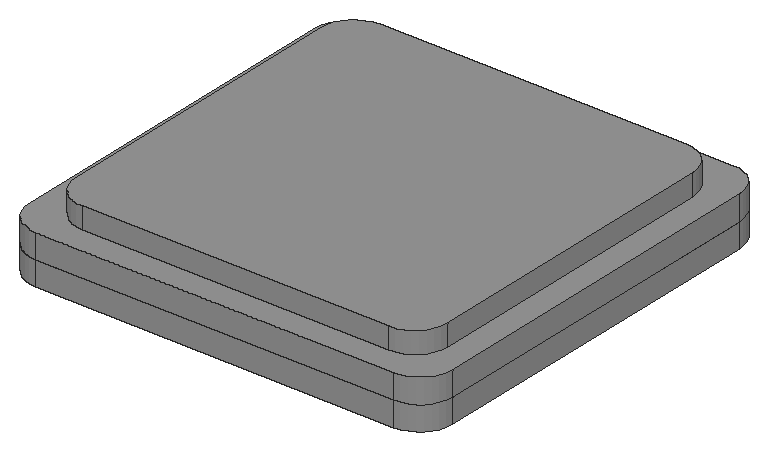
Revit family "FMS2_63_UN_Surface-mounted_ETK", category Lighting Fixtures, Revit 2019 (continued)
Definition of nested family "FMS.2 - Lightsource"
  Types (14, lengths in mm): name | Wattage Comments | Wattage | built-in parameter 1150134 | Photometric Web File | built-in parameter 1150142 | built-in parameter 1150105 | Lumens | built-in parameter 1150107 | built-in parameter 1150106 | Apparent Load
      20.2578\t312.5304\t304.803\t297.0756\r\n289.6344\t281.907\t274.3513\t266.7956\t259.1541\t251.4267\t243.7565\t236.1436\t228.5593\t221.0036\r\n213.4766\t206.0068\t198.5656\t191.1816\t183.8549\t176.5282\t169.2587\t162.3613\t155.7787\t149.1961\r\n142.6707\t136.174\t129.7058\t123.2663\t116.8841\t110.5018\t104.1482\t97.8232\t91.5268\t80.2791\r\n64.996\t49.7416\t34.4585\t19.1725\t3.8895\t0\t0\t0\t0\t0\r\n0\r\n985.6728\t985.1004\t984.528\t983.9556\t983.097\t982.5246\t981.9522\t981.3798\t980.5212\t979.6626\r\n978.804\t977.9454\t976.8006\t975.3696\t973.9386\t972.5076\t971.0766\t969.6456\t968.2146\t966.4974\r\n964.7802\t963.063\t961.3458\t959.6286\t957.6252\t955.6218\t953.6184\t951.615\t949.3254\t947.0358\r\n944.46\t942.1704\t940.167\t937.5912\t934.7292\t932.1534\t929.5776\t927.0018\t924.1398\t921.2778\r\n917.5572\t913.5504\t909.8298\t905.5368\t901.53\t897.237\t893.2302\t889.2234\t885.2166\t881.496\r\n876.9168\t872.6238\t868.0446\t863.7516\t859.1724\t854.307\t849.4416\t845.1486\t840.8556\t836.2764\r\n831.411\t826.5456\t821.9664\t817.101\t812.5218\t807.6564\t802.791\t797.6394\t792.4878\t787.3362\r\n781.8984\t776.7468\t771.8814\t766.4436\t759.861\t753.5646\t747.2682\t741.258\t735.2478\t728.6652\r\n722.0826\t715.7862\t709.4898\t703.4796\t696.897\t690.6006\t684.018\t677.7216\t671.4252\t664.8426\r\n658.26\t651.6774\t645.0948\t638.226\t631.9296\t625.347\t619.0506\t612.468\t605.8854\t598.7304\r\n591.5754\t584.4204\t576.9792\t569.2518\t561.8106\t554.6556\t547.2144\t540.0594\t532.6182\t525.177\r\n518.022\t510.867\t503.712\t496.557\t489.1158\t481.9608\t474.8058\t467.6508\t460.4958\t452.7684\r\n444.7548\t436.7412\t428.7276\t420.714\t412.7004\t404.6868\t396.6732\t388.9458\t381.2184\t373.491\r\n365.7636\t358.0362\t350.595\t342.8676\t335.1402\t327.4128\t319.113\t311.0994\t303.0858\t295.3584\r\n287.631\t279.8464\t272.1762\t264.506\t256.8931\t249.3088\t241.8104\t234.3119\t226.8135\t219.2006\r\n211.6735\t204.2037\t196.877\t189.5789\t182.338\t175.1258\t167.9422\t160.8158\t153.718\t146.6775\r\n140.0663\t133.7413\t127.4735\t121.2343\t115.0238\t108.8419\t102.6886\t96.5925\t90.5251\t84.4862\r\n77.7319\t62.1626\t46.5934\t31.0241\t15.4348\t0\t0\t0\t0\t0\r\n0\r\n985.6728\t985.1004\t984.528\t983.9556\t983.3832\t982.8108\t982.2384\t981.666\t980.8074\t979.9488\r\n979.0902\t978.2316\t976.8006\t975.3696\t973.9386\t972.7938\t971.3628\t969.9318\t968.2146\t966.4974\r\n964.7802\t963.063\t961.3458\t959.3424\t957.339\t955.3356\t953.046\t951.0426\t948.4668\t945.891\r\n943.6014\t941.598\t938.736\t935.874\t933.2982\t930.4362\t927.8604\t924.9984\t922.1364\t918.9882\r\n915.84\t912.4056\t908.9712\t905.5368\t902.3886\t898.9542\t895.2336\t891.2268\t886.9338\t882.6408\r\n878.0616\t873.7686\t868.617\t863.7516\t859.1724\t854.8794\t850.5864\t845.4348\t840.5694\t835.704\r\n830.8386\t825.9732\t821.1078\t815.9562\t810.8046\t805.3668\t800.2152\t794.7774\t789.6258\t784.7604\r\n779.3226\t773.5986\t768.1608\t763.0092\t757.5714\t751.8474\t745.8372\t740.3994\t734.9616\t729.5238\r\n723.7998\t718.0758\t711.7794\t705.1968\t698.6142\t691.7454\t685.1628\t678.294\t671.7114\t664.8426\r\n658.26\t651.3912\t644.5224\t637.9398\t631.071\t624.2022\t617.0472\t610.1784\t603.0234\t596.1546\r\n589.2858\t582.1308\t575.262\t568.107\t561.5244\t554.6556\t547.7868\t540.6318\t533.1906\t525.4632\r\n517.7358\t510.2946\t502.5672\t495.126\t487.1124\t479.385\t471.9438\t464.2164\t456.7752\t449.334\r\n441.6066\t434.1654\t426.7242\t419.283\t411.8418\t404.6868\t397.2456\t389.5182\t381.2184\t373.2048\r\n364.905\t356.8914\t348.8778\t340.8642\t332.8506\t325.1232\t317.1096\t309.3822\t301.6548\t293.9274\r\n286.4862\t278.9019\t271.06\t263.1323\t255.2332\t247.4485\t239.7211\t232.1082\t224.5811\t217.1399\r\n209.7274\t202.4006\t195.1312\t187.8617\t180.6208\t173.4658\t166.3967\t159.3848\t152.4301\t145.5327\r\n138.6925\t131.9096\t125.1839\t118.8016\t112.7628\t106.7812\t100.8283\t94.9612\t89.0941\t83.2842\r\n77.503\t71.779\t60.6172\t44.5327\t28.4282\t12.3238\t0\t0\t0\t0\r\n0\r\n985.6728\t985.1004\t984.528\t983.9556\t983.6694\t983.097\t982.5246\t981.9522\t981.0936\t980.5212\r\n979.6626\t978.5178\t977.0868\t975.6558\t974.2248\t973.08\t971.649\t970.218\t968.5008\t966.7836\r\n965.0664\t963.3492\t961.3458\t959.3424\t957.339\t955.3356\t953.046\t950.4702\t947.8944\t945.6048\r\n943.3152\t940.4532\t937.5912\t935.0154\t932.4396\t929.5776\t926.7156\t923.5674\t920.4192\t916.9848\r\n913.5504\t910.116\t906.6816\t903.2472\t900.099\t896.6646\t892.944\t889.5096\t885.5028\t881.7822\r\n877.4892\t873.1962\t869.1894\t865.755\t861.462\t856.8828\t852.0174\t847.152\t842.0004\t837.135\r\n831.9834\t826.8318\t821.394\t816.2424\t811.0908\t805.653\t800.5014\t795.0636\t789.3396\t783.6156\r\n778.464\t773.0262\t767.016\t761.0058\t755.2818\t749.5578\t743.8338\t738.1098\t732.0996\t726.0894\r\n720.0792\t714.069\t708.0588\t702.0486\t696.0384\t690.0282\t683.7318\t677.7216\t671.4252\t665.1288\r\n659.1186\t652.8222\t646.2396\t639.657\t633.0744\t626.2056\t618.7644\t611.6094\t604.1682\t597.0132\r\n589.8582\t582.417\t574.9758\t567.5346\t560.3796\t552.9384\t545.4972\t538.056\t530.6148\t523.1736\r\n515.7324\t508.5774\t501.1362\t493.695\t486.2538\t478.8126\t471.6576\t464.2164\t456.7752\t449.334\r\n441.3204\t433.3068\t425.2932\t417.5658\t409.5522\t401.8248\t393.8112\t386.0838\t378.0702\t370.3428\r\n362.9016\t355.1742\t347.733\t340.0056\t332.2782\t324.837\t317.1096\t308.8098\t300.7962\t292.7826\r\n284.7404\t276.7554\t268.8563\t261.043\t253.3442\t245.7027\t238.1184\t230.6772\t223.2932\t215.6517\r\n208.1246\t200.7121\t193.3567\t186.0872\t178.8178\t171.6914\t164.6222\t157.6962\t150.856\t144.0158\r\n137.2329\t130.5358\t123.8387\t117.1703\t110.5304\t103.9192\t97.4511\t91.4123\t85.4021\t79.4777\r\n73.6393\t67.8294\t62.1054\t56.41\t41.3273\t25.24\t9.1813\t0\t0\t0\r\n0\r\n985.6728\t985.1004\t984.8142\t984.2418\t983.6694\t983.3832\t982.8108\t982.2384\t981.666\t980.8074\r\n979.9488\t978.804\t977.373\t975.942\t974.7972\t973.3662\t971.9352\t970.5042\t968.787\t967.0698\r\n965.6388\t963.6354\t961.632\t959.6286\t957.6252\t955.6218\t953.046\t950.4702\t948.1806\t946.1772\r\n943.029\t940.167\t937.5912\t934.7292\t932.1534\t929.2914\t926.1432\t922.7088\t919.5606\t916.1262\r\n912.6918\t908.9712\t905.5368\t902.3886\t898.668\t895.2336\t891.513\t887.5062\t883.4994\t879.2064\r\n874.9134\t871.1928\t867.186\t862.893\t858.3138\t854.0208\t849.4416\t844.8624\t840.5694\t835.704\r\n830.8386\t826.2594\t821.394\t816.5286\t811.6632\t806.7978\t801.36\t796.2084\t791.343\t785.9052\r\n779.895\t773.8848\t768.1608\t762.4368\t756.4266\t750.7026\t744.6924\t738.396\t732.0996\t725.8032\r\n719.793\t713.7828\t707.4864\t701.19\t694.6074\t688.311\t682.0146\t675.7182\t669.1356\t662.2668\r\n655.6842\t649.1016\t642.519\t635.9364\t629.0676\t622.485\t615.9024\t609.0336\t601.8786\t595.0098\r\n588.4272\t581.5584\t574.4034\t567.5346\t560.3796\t553.5108\t546.642\t539.487\t532.6182\t525.4632\r\n518.022\t510.2946\t502.5672\t494.8398\t487.1124\t479.0988\t471.0852\t463.3578\t455.3442\t447.6168\r\n439.8894\t432.162\t424.1484\t416.1348\t408.4074\t400.68\t392.9526\t385.2252\t377.4978\t369.7704\r\n362.043\t354.3156\t346.302\t338.2884\t330.2748\t322.2612\t314.2476\t305.9478\t298.2204\t290.493\r\n282.737\t275.0382\t267.4253\t259.8696\t252.3998\t244.9872\t237.5174\t229.6755\t221.8622\t214.1348\r\n206.5219\t198.9949\t191.6109\t184.37\t177.2723\t170.289\t163.1912\t155.9218\t148.6523\t141.4114\r\n134.1992\t126.9583\t119.7461\t112.5338\t105.4075\t98.3097\t91.3837\t84.6293\t78.0181\t71.6072\r\n65.9691\t60.6744\t55.4656\t50.3712\t45.3627\t37.9787\t22.1662\t6.3937\t0\t0\r\n0\r\n985.6728\t985.3866\t984.8142\t984.528\t983.9556\t983.6694\t983.097\t982.5246\t981.9522\t981.3798\r\n980.5212\t979.3764\t977.9454\t976.5144\t975.3696\t973.9386\t972.7938\t971.0766\t969.6456\t967.9284\r\n966.2112\t964.494\t962.4906\t960.4872\t958.4838\t956.1942\t953.3322\t951.0426\t949.0392\t946.4634\r\n943.6014\t940.7394\t938.1636\t935.3016\t932.7258\t929.5776\t926.4294\t922.995\t919.5606\t916.1262\r\n912.6918\t909.2574\t905.5368\t902.1024\t898.668\t894.9474\t890.9406\t887.22\t882.927\t878.634\r\n874.6272\t870.6204\t866.0412\t861.7482\t857.169\t852.5898\t848.0106\t843.7176\t838.8522\t833.9868\r\n829.1214\t824.256\t819.3906\t814.5252\t809.0874\t803.9358\t798.498\t793.3464\t787.9086\t782.4708\r\n777.033\t771.8814\t766.1574\t760.4334\t754.7094\t748.9854\t743.2614\t737.2512\t731.241\t725.517\r\n719.793\t713.4966\t707.4864\t701.4762\t695.1798\t689.1696\t682.8732\t676.2906\t669.708\t663.4116\r\n657.1152\t650.2464\t643.3776\t636.795\t629.9262\t622.7712\t615.6162\t609.0336\t602.1648\t594.7236\r\n587.2824\t580.1274\t572.9724\t565.8174\t558.6624\t551.5074\t544.3524\t536.9112\t529.1838\t521.7426\r\n514.5876\t507.1464\t499.419\t491.9778\t484.5366\t477.0954\t469.6542\t462.213\t454.4856\t447.0444\r\n439.317\t431.8758\t424.1484\t416.7072\t408.9798\t401.5386\t393.8112\t386.0838\t378.3564\t370.9152\r\n362.6154\t354.3156\t346.0158\t338.0022\t329.9886\t321.6888\t313.6752\t305.6616\t297.9342\t289.9206\r\n281.8498\t273.922\t266.0801\t258.3241\t250.6826\t243.1269\t235.5712\t227.8438\t220.0306\t212.3604\r\n204.7761\t197.3921\t190.094\t182.8818\t175.7554\t168.8294\t162.0178\t154.9487\t147.3071\t139.637\r\n131.881\t124.0105\t116.1113\t108.1836\t100.399\t92.8433\t85.5166\t78.4188\t71.55\t65.1677\r\n59.272\t53.6053\t48.1961\t43.1876\t39.0949\t35.1454\t31.3103\t21.0157\t4.3302\t0\r\n0\r\n985.6728\t985.3866\t984.8142\t984.528\t984.2418\t983.9556\t983.3832\t983.097\t982.5246\t981.666\r\n981.0936\t979.6626\t978.5178\t977.0868\t975.942\t974.7972\t973.3662\t971.9352\t970.5042\t969.0732\r\n967.356\t965.3526\t963.3492\t961.632\t959.6286\t957.0528\t954.477\t952.1874\t950.184\t947.322\r\n944.46\t941.8842\t939.3084\t936.7326\t934.1568\t930.7224\t927.288\t924.1398\t920.7054\t917.271\r\n913.8366\t910.116\t906.6816\t903.2472\t899.5266\t895.806\t892.0854\t888.0786\t884.0718\t879.7788\r\n875.4858\t871.1928\t866.8998\t862.3206\t857.7414\t853.1622\t848.8692\t844.29\t839.4246\t834.5592\r\n829.6938\t824.8284\t819.6768\t814.5252\t809.3736\t803.9358\t798.498\t793.0602\t787.6224\t782.4708\r\n777.3192\t771.5952\t765.585\t759.861\t754.137\t748.413\t742.4028\t736.3926\t730.3824\t724.3722\r\n718.362\t712.3518\t706.0554\t699.759\t693.4626\t686.88\t680.5836\t674.001\t667.7046\t661.122\r\n654.2532\t647.6706\t641.088\t634.5054\t627.6366\t620.7678\t614.1852\t607.3164\t600.1614\t593.0064\r\n586.1376\t578.9826\t572.1138\t564.9588\t557.8038\t550.6488\t543.2076\t535.7664\t528.3252\t521.1702\r\n513.729\t506.574\t499.1328\t491.6916\t484.2504\t476.523\t468.7956\t461.3544\t453.627\t446.1858\r\n438.4584\t430.731\t423.2898\t415.5624\t407.835\t400.1076\t392.3802\t384.3666\t376.353\t368.3394\r\n360.612\t352.5984\t344.871\t336.8574\t328.5576\t320.544\t312.8166\t305.0892\t297.0756\t289.062\r\n281.077\t273.1493\t265.3074\t257.5228\t249.7954\t242.1538\t234.5409\t226.9852\t219.4868\t212.0742\r\n204.7189\t197.3635\t190.094\t182.9963\t175.4692\t167.9422\t160.501\t153.346\t146.2196\t139.3794\r\n132.6537\t126.0139\t119.4599\t112.6197\t104.4344\t96.1918\t88.0065\t79.8498\t71.8934\t64.4809\r\n57.3831\t50.8005\t44.8189\t39.5242\t34.6588\t30.4517\t26.6338\t24.0465\t22.2893\t3.1396\r\n0\r\n985.6728\t985.3866\t985.1004\t984.8142\t984.528\t984.2418\t983.9556\t983.3832\t982.8108\t982.2384\r\n981.666\t980.5212\t979.0902\t977.9454\t976.8006\t975.6558\t974.511\t973.08\t971.649\t970.218\r\n968.787\t966.7836\t964.7802\t963.063\t961.3458\t958.4838\t955.908\t953.9046\t951.9012\t949.0392\r\n946.1772\t943.6014\t941.0256\t938.736\t936.1602\t932.7258\t929.2914\t926.1432\t922.995\t919.5606\r\n915.84\t912.4056\t908.9712\t905.5368\t902.1024\t898.3818\t894.6612\t890.6544\t886.9338\t882.3546\r\n878.0616\t873.7686\t869.4756\t864.8964\t860.3172\t856.0242\t851.7312\t847.152\t842.2866\t837.4212\r\n832.5558\t827.6904\t822.825\t817.3872\t812.2356\t806.7978\t801.36\t795.9222\t790.7706\t785.619\r\n780.4674\t774.4572\t768.447\t763.0092\t757.2852\t751.5612\t745.551\t739.5408\t733.5306\t727.5204\r\n721.5102\t715.5\t709.2036\t702.621\t696.0384\t690.0282\t684.018\t677.4354\t670.8528\t663.984\r\n657.1152\t650.8188\t644.2362\t637.3674\t630.4986\t623.6298\t617.0472\t609.8922\t603.0234\t595.8684\r\n588.7134\t581.8446\t574.6896\t567.5346\t560.3796\t553.2246\t545.7834\t538.3422\t530.901\t523.4598\r\n516.0186\t508.8636\t501.7086\t493.9812\t486.54\t478.8126\t471.0852\t463.0716\t455.3442\t447.903\r\n440.1756\t432.4482\t424.7208\t416.7072\t408.9798\t400.9662\t393.2388\t385.2252\t377.4978\t369.198\r\n361.1844\t353.457\t345.7296\t338.0022\t329.9886\t321.975\t314.2476\t306.234\t298.2204\t290.2068\r\n281.9642\t274.2082\t266.4808\t258.6389\t250.7684\t243.0697\t235.3423\t227.7293\t220.1164\t212.4749\r\n204.8333\t197.3635\t189.8937\t182.4239\t174.9541\t167.7418\t160.5296\t153.5177\t146.5058\t139.6942\r\n132.8827\t126.3573\t119.8033\t113.4497\t107.1247\t100.771\t94.446\t88.6934\t82.9408\t77.3312\r\n71.7503\t66.5987\t61.4471\t56.5245\t51.5732\t47.3661\t43.159\t40.4114\t37.6353\t36.9198\r\n19.8108\r\n985.6728\t985.3866\t984.8142\t984.528\t984.2418\t983.9556\t983.3832\t982.8108\t982.2384\t981.666\r\n981.0936\t979.6626\t978.2316\t977.0868\t975.6558\t974.511\t973.3662\t971.649\t970.218\t968.787\r\n967.0698\t965.0664\t963.063\t961.3458\t959.3424\t956.7666\t953.9046\t951.9012\t949.8978\t947.0358\r\n944.1738\t941.3118\t938.736\t936.1602\t933.5844\t930.15\t926.7156\t923.5674\t920.4192\t916.9848\r\n913.2642\t909.5436\t906.1092\t902.3886\t898.9542\t895.2336\t891.513\t887.5062\t883.4994\t879.2064\r\n874.9134\t870.3342\t866.0412\t861.462\t856.8828\t852.3036\t848.0106\t843.4314\t838.566\t833.7006\r\n828.8352\t823.6836\t818.8182\t813.6666\t808.2288\t802.791\t797.6394\t792.2016\t786.7638\t781.6122\r\n776.1744\t770.4504\t764.7264\t759.0024\t753.2784\t747.2682\t741.5442\t735.534\t729.5238\t723.5136\r\n717.5034\t711.207\t704.9106\t698.328\t692.0316\t685.7352\t679.4388\t673.1424\t666.5598\t659.691\r\n653.1084\t646.5258\t639.9432\t633.3606\t626.4918\t619.623\t612.7542\t605.8854\t599.0166\t591.8616\r\n584.7066\t577.5516\t570.3966\t563.5278\t556.3728\t549.2178\t542.0628\t534.6216\t527.4666\t520.0254\r\n512.5842\t505.4292\t497.7018\t490.2606\t482.8194\t475.3782\t467.6508\t460.2096\t452.4822\t444.7548\r\n437.0274\t429.5862\t421.8588\t414.1314\t406.404\t398.6766\t390.9492\t382.9356\t374.922\t366.9084\r\n359.181\t351.4536\t343.44\t335.4264\t327.1266\t319.113\t311.0994\t303.372\t295.3584\t287.3448\r\n279.4457\t271.6324\t263.7905\t255.9773\t248.2499\t240.5797\t232.9668\t225.4397\t217.9127\t210.4142\r\n202.973\t195.6749\t188.4341\t181.3649\t173.8379\t166.4253\t159.0986\t151.915\t144.8172\t137.8625\r\n131.0224\t124.4111\t118.0003\t111.7039\t105.293\t99.0252\t93.0722\t87.3482\t81.8818\t76.072\r\n70.4052\t64.996\t59.8158\t54.8932\t50.314\t45.9637\t41.9283\t39.3811\t37.807\t5.3748\r\n0\r\n985.6728\t985.1004\t984.8142\t984.2418\t983.9556\t983.3832\t983.097\t982.2384\t981.666\t980.8074\r\n980.235\t978.804\t977.373\t976.2282\t974.7972\t973.6524\t972.2214\t970.7904\t969.0732\t967.6422\r\n965.925\t963.9216\t961.9182\t959.9148\t957.9114\t955.3356\t952.7598\t950.184\t948.1806\t945.6048\r\n942.4566\t939.8808\t937.0188\t934.443\t931.8672\t928.719\t925.2846\t921.8502\t918.702\t915.2676\r\n911.547\t908.1126\t904.392\t900.6714\t897.237\t893.5164\t889.7958\t885.789\t881.7822\t877.7754\r\n873.4824\t868.9032\t864.324\t859.7448\t855.1656\t850.8726\t846.2934\t841.7142\t837.135\t832.5558\r\n827.4042\t822.5388\t817.3872\t812.5218\t807.084\t801.9324\t796.4946\t791.343\t785.9052\t780.4674\r\n775.0296\t769.878\t764.154\t758.7162\t752.9922\t747.2682\t741.258\t735.534\t729.5238\t723.5136\r\n717.5034\t711.7794\t705.483\t698.9004\t692.604\t686.5938\t680.2974\t674.001\t667.7046\t661.122\r\n654.5394\t648.243\t641.3742\t634.5054\t627.3504\t620.4816\t613.3266\t606.1716\t599.0166\t592.1478\r\n584.9928\t577.8378\t570.3966\t563.2416\t555.8004\t548.6454\t541.4904\t534.0492\t526.8942\t519.453\r\n512.0118\t504.5706\t497.1294\t489.6882\t481.9608\t474.5196\t467.0784\t459.6372\t451.9098\t444.1824\r\n436.7412\t429.0138\t421.5726\t413.8452\t406.404\t398.6766\t390.9492\t383.2218\t375.4944\t368.0532\r\n360.0396\t351.4536\t343.1538\t335.1402\t327.1266\t318.8268\t310.8132\t302.7996\t294.786\t286.7724\r\n278.7302\t270.8597\t263.1037\t255.4049\t247.6489\t239.9787\t232.3944\t224.6956\t216.8824\t209.2122\r\n201.6279\t194.2153\t186.86\t179.5905\t172.4355\t165.4522\t158.6693\t151.7146\t144.4738\t137.4046\r\n130.45\t123.7243\t117.113\t110.7022\t104.4058\t98.2525\t92.2423\t86.4038\t80.737\t75.1847\r\n69.6611\t64.2519\t58.9858\t54.0632\t49.9419\t45.9351\t42.0428\t28.6772\t5.9272\t0\r\n0\r\n985.6728\t985.1004\t984.528\t984.2418\t983.6694\t983.097\t982.5246\t981.9522\t981.0936\t980.235\r\n979.3764\t978.2316\t976.8006\t975.3696\t973.9386\t972.7938\t971.3628\t969.9318\t968.2146\t966.4974\r\n964.7802\t963.063\t961.0596\t958.77\t956.7666\t954.7632\t951.9012\t949.0392\t947.0358\t944.7462\r\n941.8842\t938.736\t936.1602\t933.5844\t930.7224\t927.8604\t924.7122\t921.2778\t918.1296\t914.6952\r\n911.2608\t907.5402\t904.1058\t900.3852\t896.6646\t892.944\t889.2234\t885.5028\t881.496\t877.7754\r\n873.7686\t869.1894\t864.8964\t860.3172\t855.738\t851.1588\t846.8658\t842.2866\t837.7074\t833.1282\r\n828.549\t823.6836\t818.8182\t813.6666\t808.8012\t803.6496\t798.498\t793.3464\t788.1948\t782.757\r\n777.033\t771.0228\t765.2988\t759.2886\t753.5646\t747.8406\t741.5442\t735.534\t729.2376\t723.2274\r\n716.931\t710.6346\t704.3382\t698.0418\t691.7454\t684.8766\t678.5802\t671.9976\t665.415\t659.1186\r\n652.536\t645.6672\t639.0846\t632.2158\t625.6332\t619.0506\t612.1818\t605.313\t598.4442\t591.5754\r\n584.9928\t578.124\t570.969\t563.814\t556.9452\t550.0764\t542.9214\t535.7664\t528.8976\t522.0288\r\n514.3014\t506.2878\t498.2742\t490.833\t483.1056\t475.092\t467.3646\t459.351\t451.6236\t443.61\r\n435.8826\t428.1552\t420.1416\t412.128\t404.1144\t396.387\t388.6596\t380.9322\t372.9186\t365.1912\r\n357.4638\t349.7364\t342.009\t333.7092\t325.4094\t317.3958\t309.6684\t301.6548\t293.6412\t285.8566\r\n278.0719\t270.3731\t262.7602\t255.1473\t247.5916\t240.0646\t232.3658\t224.2377\t216.3672\t208.6398\r\n200.9696\t193.3567\t185.8869\t178.5029\t171.2621\t164.1071\t157.0093\t150.026\t143.1572\t136.4
